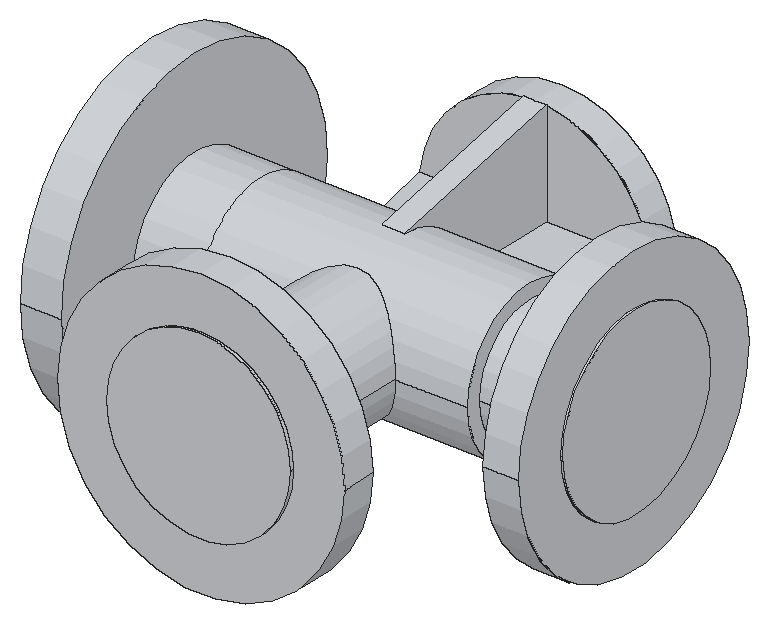
Revit family "M_Base redonda de redução em T - Flange - GI - Classe 250", category Conexões de tubo, Revit 2019
Family settings
  Cota do conector redondo = Usar raio
  Tipo de parte = Tê
  Número OmniClass = 23.60.30.11.14
  Título OmniClass = Pipework Fittings
  ID de item do Seek = Tee Reducing Round Base - Flanged - GI - Class 250-0000-CAN-ENU
  Com base no plano de trabalho = Não
  Sempre na vertical = Sim
  Corte com vazios quando carregada = Não
  Compartilhado = Não
Parameters (values of type "Padrão")
  Tamanho da marca de cota 3 [instance] = Diâmetro da flange 3 * 0.4  # 66 mm
  Tamanho da marca de cota 2 [instance] = Diâmetro da flange 2 * 0.4  # 66 mm
  Tamanho da marca de cota 1 [instance] = Diâmetro da flange 1 * 0.4  # 76.4 mm
  Raio da base redonda [instance] = Diâmetro da base redonda / 2  # 66.5 mm
  Diâmetro da base redonda [instance] = size_lookup(Nome da tabela de pesquisa, "RBD", 0.57 * Diâmetro nominal máximo 123 + 112.415 mm, Diâmetro nominal máximo 123)  # 133 mm
  Espessura das nervuras [instance] = size_lookup(Nome da tabela de pesquisa, "RThk", 0.04 * Diâmetro nominal máximo 123 + 12.898 mm, Diâmetro nominal máximo 123)  # 13 mm
  Largura das nervuras [instance] = 0.85 * Diâmetro da base redonda  # 113.05 mm
  Método de perda = Coeficiente K da tabela
  Nome da tabela de pesquisa = "M_Tee Reducing Round Base - Flanged - GI - Class 250"
  Tabela de coeficiente K = "Tê flangeado"
  Centro à face 34 [instance] = if(not(Diâmetro nominal máximo 123 > 406.4 mm), Centro à face, if(and(Diâmetro nominal máximo 123 > 406.4 mm, not(Diâmetro nominal 3 > Tamanho da saída e menor)), Centro à saída da face, Centro à face))  # 140 mm
  Centro à face 12 [instance] = if(not(Diâmetro nominal máximo 123 > 406.4 mm), Centro à face, if(and(Diâmetro nominal máximo 123 > 406.4 mm, not(Diâmetro nominal 3 > Tamanho da saída e menor)), Execução do centro até a face, Centro à face))  # 140 mm
  Espessura da face elevada [instance] = 1.587 mm  # constant formula
  Raio da face elevada 3 [instance] = Diâmetro da face elevada 3 / 2  # 53 mm
  Raio da face elevada 2 [instance] = Diâmetro da face elevada 2 / 2  # 53 mm
  Raio da face elevada 1 [instance] = Diâmetro da face elevada 1 / 2  # 62.5 mm
  Diâmetro da face elevada 3 [instance] = size_lookup(Nome da tabela de pesquisa, "RFD", 1.2 * Diâmetro nominal 3 + 50.899 mm, Diâmetro nominal 3)  # 106 mm
  Diâmetro da face elevada 2 [instance] = size_lookup(Nome da tabela de pesquisa, "RFD", 1.2 * Diâmetro nominal 2 + 50.899 mm, Diâmetro nominal 2)  # 106 mm
  Diâmetro da face elevada 1 [instance] = size_lookup(Nome da tabela de pesquisa, "RFD", 1.2 * Diâmetro nominal 1 + 50.899 mm, Diâmetro nominal 1)  # 125 mm
  Raio 1 [instance] = if(Raio da flange 1 > Raio da flange 2, Raio da flange 1, Raio da flange 2)  # 95.5 mm
  Tamanho da saída e menor [instance] = size_lookup(Nome da tabela de pesquisa, "OSaS", 0.64 * Diâmetro nominal máximo 123 + 17.859 mm, Diâmetro nominal máximo 123)  # 1 mm
  Raio nominal 3 [instance] = 25 mm
  Raio nominal 2 [instance] = 25 mm
  Raio nominal 1 [instance] = 32.5 mm
  Diâmetro nominal 3 [instance] = Raio nominal 3 * 2  # 50 mm
  Diâmetro nominal 2 [instance] = Raio nominal 2 * 2  # 50 mm
  Diâmetro nominal 1 [instance] = Raio nominal 1 * 2  # 65 mm
  Espessura da parede 3 [instance] = size_lookup(Nome da tabela de pesquisa, "WThk", 0.06 * Diâmetro nominal 3 + 9.624 mm, Diâmetro nominal 3)  # 11.1 mm
  Espessura da parede 2 [instance] = size_lookup(Nome da tabela de pesquisa, "WThk", 0.06 * Diâmetro nominal 2 + 9.624 mm, Diâmetro nominal 2)  # 11.1 mm
  Espessura da parede 1 [instance] = size_lookup(Nome da tabela de pesquisa, "WThk", 0.06 * Diâmetro nominal 1 + 9.624 mm, Diâmetro nominal 1)  # 12.7 mm
  Legenda do comprimento externo 2 [instance] = Legenda do comprimento externo 1 - Espessura da flange 3  # 117.8 mm
  Legenda do comprimento externo 1 [instance] = if(not(Ângulo = 90.00°), if(not(Centro à face 34 < Comprimento externo 4), Centro à face 34, Comprimento externo 4), Centro à face 34)  # 140 mm
  Legenda do comprimento do lance [instance] = if(not(Ângulo = 90.00°), if(not(Centro à face 12 < Comprimento do lance), Centro à face 12, Comprimento do lance), Centro à face 12)  # 140 mm
  Comprimento 4 [instance] = Espessura das nervuras / 2  # 6.5 mm
  Comprimento 3 [instance] = if(Raio exterior máximo da conexão 12 > 0.5 * Largura das nervuras, 0.5 * Largura das nervuras, Raio exterior máximo da conexão 12)  # 44.7 mm
  Comprimento da flange 3 [instance] = Espessura da flange 3 - Espessura da face elevada  # 20.613 mm
  Comprimento da flange 2 [instance] = Espessura da flange 2 - Espessura da face elevada  # 20.613 mm
  Comprimento da flange 1 [instance] = Espessura da flange 1 - Espessura da face elevada  # 23.812 mm
  Centro à base [instance] = size_lookup(Nome da tabela de pesquisa, "CtB", 0.75 * Diâmetro nominal máximo 123 + 75.902 mm, Diâmetro nominal máximo 123)  # 121 mm
  Raio exterior máximo da conexão 12 [instance] = if(Raio externo da conexão 1 > Raio externo da conexão 2, Raio externo da conexão 1, Raio externo da conexão 2)  # 44.7 mm
  Comprimento 2 [instance] = (Legenda do comprimento do lance - Espessura da flange 2) * 2 / 3  # 78.533 mm
  Comprimento 1 [instance] = (Legenda do comprimento do lance - Espessura da flange 1) * 2 / 3  # 76.4 mm
  Comprimento externo 4 [instance] = if(Ângulo < 90.00°, Comprimento externo 1, if(Ângulo = 90.00°, Comprimento externo 2, Comprimento externo 3))  # 162.2 mm
  Comprimento externo 3 [instance] = if(Ângulo > 90.00°, Raio 1 / sin(180.00° - Ângulo) + Raio da flange 3 / tan(180.00° - Ângulo), 0 mm) + Espessura da flange 3  # 22.2 mm
  Comprimento externo 2 [instance] = if(Ângulo = 90.00°, Centro à face 34, 0 mm) + Espessura da flange 3  # 162.2 mm
  Comprimento externo 1 [instance] = if(Ângulo < 90.00°, Raio 1 / sin(Ângulo) + Raio da flange 3 / tan(Ângulo), 0 mm) + Espessura da flange 3  # 22.2 mm
  Comprimento do lance [instance] = Comprimento do lance 4  # 165.4 mm
  Comprimento do lance 4 [instance] = if(Ângulo < 90.00°, Comprimento do lance 1, if(Ângulo = 90.00°, Comprimento do lance 2, Comprimento do lance 3))  # 165.4 mm
  Comprimento do lance 3 [instance] = if(Ângulo > 90.00°, Raio 1 / tan(180.00° - Ângulo) + Raio da flange 3 / sin(180.00° - Ângulo), 0 mm) + Espessura da flange máxima 12  # 25.4 mm
  Comprimento do lance 2 [instance] = if(Ângulo = 90.00°, Centro à face 12, 0 mm) + Espessura da flange máxima 12  # 165.4 mm
  Comprimento do lance 1 [instance] = if(Ângulo < 90.00°, Raio 1 / tan(Ângulo) + Raio da flange 3 / sin(Ângulo), 0 mm) + Espessura da flange máxima 12  # 25.4 mm
  Raio externo da conexão 3 [instance] = Diâmetro externo da conexão 3 / 2  # 36.6 mm
  Raio externo da conexão 2 [instance] = Diâmetro externo da conexão 2 / 2  # 36.6 mm
  Raio externo da conexão 1 [instance] = Diâmetro externo da conexão 1 / 2  # 44.7 mm
  Diâmetro externo da conexão 3 [instance] = Diâmetro interior da conexão 3 + Espessura da parede 3 * 2  # 73.2 mm
  Diâmetro externo da conexão 2 [instance] = Diâmetro interno da conexão 2 + Espessura da parede 2 * 2  # 73.2 mm
  Diâmetro externo da conexão 1 [instance] = Diâmetro interno da conexão 1 + Espessura da parede 1 * 2  # 89.4 mm
  Diâmetro interior da conexão 3 [instance] = size_lookup(Nome da tabela de pesquisa, "FID", 0.97 * Diâmetro nominal 3 + 2.58 mm, Diâmetro nominal 3)  # 51 mm
  Diâmetro interno da conexão 2 [instance] = size_lookup(Nome da tabela de pesquisa, "FID", 0.97 * Diâmetro nominal 2 + 2.58 mm, Diâmetro nominal 2)  # 51 mm
  Diâmetro interno da conexão 1 [instance] = size_lookup(Nome da tabela de pesquisa, "FID", 0.97 * Diâmetro nominal 1 + 2.58 mm, Diâmetro nominal 1)  # 64 mm
  Centro à saída da face [instance] = size_lookup(Nome da tabela de pesquisa, "CtFO", 0.72 * Diâmetro nominal máximo 123 + 110.034 mm, Diâmetro nominal máximo 123)  # 1 mm
  Execução do centro até a face [instance] = size_lookup(Nome da tabela de pesquisa, "CtFR", 0.53 * Diâmetro nominal máximo 123 + 119.856 mm, Diâmetro nominal máximo 123)  # 1 mm
  Espessura da flange máxima 12 [instance] = if(Espessura da flange 1 > Espessura da flange 2, Espessura da flange 1, Espessura da flange 2)  # 25.4 mm
  Espessura da flange 3 [instance] = size_lookup(Nome da tabela de pesquisa, "FThk", 0.08 * Diâmetro nominal 3 + 21.53 mm, Diâmetro nominal 3)  # 22.2 mm
  Espessura da flange 2 [instance] = size_lookup(Nome da tabela de pesquisa, "FThk", 0.08 * Diâmetro nominal 2 + 21.53 mm, Diâmetro nominal 2)  # 22.2 mm
  Espessura da flange 1 [instance] = size_lookup(Nome da tabela de pesquisa, "FThk", 0.08 * Diâmetro nominal 1 + 21.53 mm, Diâmetro nominal 1)  # 25.4 mm
  Raio da flange 3 [instance] = Diâmetro da flange 3 / 2  # 82.5 mm
  Raio da flange 2 [instance] = Diâmetro da flange 2 / 2  # 82.5 mm
  Raio da flange 1 [instance] = Diâmetro da flange 1 / 2  # 95.5 mm
  Diâmetro da flange 3 [instance] = size_lookup(Nome da tabela de pesquisa, "FDia", 1.34 * Diâmetro nominal 3 + 106.362 mm, Diâmetro nominal 3)  # 165 mm
  Diâmetro da flange 2 [instance] = size_lookup(Nome da tabela de pesquisa, "FDia", 1.34 * Diâmetro nominal 2 + 106.362 mm, Diâmetro nominal 2)  # 165 mm
  Diâmetro da flange 1 [instance] = size_lookup(Nome da tabela de pesquisa, "FDia", 1.34 * Diâmetro nominal 1 + 106.362 mm, Diâmetro nominal 1)  # 191 mm
  Centro à face [instance] = size_lookup(Nome da tabela de pesquisa, "CtF", 0.82 * Diâmetro nominal máximo 123 + 88.702 mm, Diâmetro nominal máximo 123)  # 140 mm
  Diâmetro nominal máximo 123 [instance] = if(Diâmetro nominal 3 > Diâmetro nominal máximo 12, Diâmetro nominal 3, Diâmetro nominal máximo 12)  # 65 mm
  Diâmetro nominal máximo 12 [instance] = if(Diâmetro nominal 1 > Diâmetro nominal 2, Diâmetro nominal 1, Diâmetro nominal 2)  # 65 mm
  Espessura base [instance] = size_lookup(Nome da tabela de pesquisa, "BThk", 0.05 * Diâmetro nominal máximo 123 + 17.661 mm, Diâmetro nominal máximo 123)  # 19 mm
  Ângulo [instance] = 90.00°
Reference planes
  plane 1 "Centro (Frente/Trás)": y = 0
  plane 2: z = 0
  plane 3 "Centro (Esquerda/Direita)": x = 0
  plane 4: x = -140
  plane 5: x = -138.412
  plane 6: x = -114.6
  plane 7: x = 140
  plane 8: x = 138.413
  plane 9: x = 117.8
  plane 10: x = -76.4
  plane 11: x = 78.533
  plane 12: x = -114.6
  plane 13: x = 117.8
  plane 14: x = -76.4
  plane 15: x = 78.533
  plane 16: y = 76.4
  plane 17: y = -76.4
  plane 18: y = 66
  plane 19: y = -66
  plane 20: x = -66.5
  plane 21: x = 66.5
  plane 22: x = -44.7
  plane 23: x = 44.7
  plane 24: x = -6.5
  plane 25: x = 6.5
  plane 26: y = 121
  plane 27: y = 102
  plane 28: z = 6.5
  plane 29: z = -6.5
  plane 30: z = 66.5
  plane 31: z = -66.5
  plane 32: z = 44.7
  plane 33: z = -44.7
Forms (mm)
  Sweep 1, solid, detail levels fine
    path in 3D
      loop
        line (-140, 0, 0) -> (-138.412, 0, 0)
    profile origin (-139.206, 0, 0) x (0, 1, 0) y (0, 0, 1)
      loop
        circle (0, 0) r 62.5
  Sweep 2, solid, detail levels fine
    path in 3D
      loop
        line (-138.412, 0, 0) -> (-114.6, 0, 0)
    profile origin (-126.506, 0, 0) x (0, 1, 0) y (0, 0, 1)
      loop
        circle (0, 0) r 95.5
  Sweep 3, solid, detail levels fine
    path in 3D
      loop
        line (-114.6, 0, 0) -> (-76.4, 0, 0)
    profile origin (-95.5, 0, 0) x (0, 1, 0) y (0, 0, 1)
      loop
        circle (0, 0) r 44.7
  Sweep 4, solid, detail levels fine
    path in 3D
      loop
        line (-76.4, 0, 0) -> (78.533, 0, 0)
    profile origin (1.067, 0, 0) x (0, 1, 0) y (0, 0, 1)
      loop
        circle (0, 0) r 44.7
  Sweep 5, solid, detail levels fine
    path in 3D
      loop
        line (78.533, 0, 0) -> (117.8, 0, 0)
    profile origin (98.167, 0, 0) x (0, 1, 0) y (0, 0, 1)
      loop
        circle (0, 0) r 36.6
  Sweep 6, solid, detail levels fine
    path in 3D
      loop
        line (117.8, 0, 0) -> (138.413, 0, 0)
    profile origin (128.106, 0, 0) x (0, 1, 0) y (0, 0, 1)
      loop
        circle (0, 0) r 82.5
  Sweep 7, solid, detail levels fine
    path in 3D
      loop
        line (138.413, 0, 0) -> (140, 0, 0)
    profile origin (139.206, 0, 0) x (0, 1, 0) y (0, 0, 1)
      loop
        circle (0, 0) r 53
  Sweep 8, solid, detail levels fine
    path in 3D
      loop
        line (0, 0, 0) -> (0, -117.8, 0)
    profile origin (0, -58.9, 0) x (1, 0, 0) y (0, 0, 1)
      loop
        circle (0, 0) r 36.6
  Sweep 9, solid, detail levels fine
    path in 3D
      loop
        line (0, -117.8, 0) -> (0, -138.413, 0)
    profile origin (0, -128.106, 0) x (1, 0, 0) y (0, 0, 1)
      loop
        circle (0, 0) r 82.5
  Sweep 10, solid, detail levels fine
    path in 3D
      loop
        line (0, -138.413, 0) -> (0, -140, 0)
    profile origin (0, -139.206, 0) x (1, 0, 0) y (0, 0, 1)
      loop
        circle (0, 0) r 53
  Sweep 11, solid, detail levels fine
    path origin (0, 0, 0) x (1, 0, 0) y (0, 1, 0)
      loop
        line (0, 121) -> (0, 102)
    profile origin (0, 111.5, 0) x (1, 0, 0) y (0, 0, 1)
      loop
        circle (0, 0) r 66.5
  Extrusion 12, solid, detail levels fine
    sketch origin (0, 0, 0) x (1, 0, 0) y (0, 1, 0)
      loop
        line (-66.5, 102) -> (-44.7, 0) -> (44.7, 0) -> (66.5, 102) -> (-66.5, 102)
    from -6.5 to 6.5
  Extrusion 13, solid, detail levels fine
    sketch origin (0, 0, 0) x (0, 1, 0) y (0, 0, 1)
      loop
        line (102, 66.5) -> (0, 44.7) -> (0, -44.7) -> (102, -66.5) -> (102, 66.5)
    from -6.5 to 6.5
Cuts and joins
  joined: Sweep 1, Sweep 2, Sweep 3, Sweep 4, Sweep 5, Sweep 6, Sweep 7, Sweep 8, Sweep 9, Sweep 10, Sweep 11, Extrusion 12, Extrusion 13
Lines and regions (mm)
  model lines, detail levels coarse+medium
    curve 1: line (-140, 0, 0) -> (-138.412, 0, 0)
    curve 2: line (-138.412, 0, 0) -> (-114.6, 0, 0)
    curve 3: line (-114.6, 0, 0) -> (-76.4, 0, 0)
    curve 4: line (78.533, 0, 0) -> (117.8, 0, 0)
    curve 5: line (117.8, 0, 0) -> (138.413, 0, 0)
    curve 6: line (138.413, 0, 0) -> (140, 0, 0)
    curve 7: line (-76.4, 0, 0) -> (78.533, 0, 0)
    curve 8: line (0, 0, 0) -> (0, -117.8, 0)
    curve 9: line (0, -117.8, 0) -> (0, -138.413, 0)
    curve 10: line (0, -138.413, 0) -> (0, -140, 0)
    curve 26: line (-140, 76.4, 0) -> (-140, -76.4, 0)
    curve 27: line (140, 66, 0) -> (140, -66, 0)
    curve 28: line (0, -140, 0) -> (66, -140, 0)
    curve 29: line (0, -140, 0) -> (-66, -140, 0)
    curve 30: line (-6.5, 0, 0) -> (-6.5, 121, 0)
    curve 31: line (6.5, 121, 0) -> (6.5, 0, 0)
  reference lines
    curve 11: line (0, 0, 0) -> (0, -140, 0)
    curve 12: line (0, -140, 0) -> (0, -117.8, 0)
    curve 13: line (-140, 0, 0) -> (-114.6, 0, 0)
    curve 14: line (117.8, 0, 0) -> (140, 0, 0)
    curve 25: line (-76.4, 0, 0) -> (78.533, 0, 0)
  sketch lines
    curve 15: line (-140, 0, 0) -> (-138.412, 0, 0)
    curve 16: line (-138.412, 0, 0) -> (-114.6, 0, 0)
    curve 17: line (-114.6, 0, 0) -> (-76.4, 0, 0)
    curve 18: line (-76.4, 0, 0) -> (78.533, 0, 0)
    curve 19: line (78.533, 0, 0) -> (117.8, 0, 0)
    curve 20: line (117.8, 0, 0) -> (138.413, 0, 0)
    curve 21: line (138.413, 0, 0) -> (140, 0, 0)
    curve 22: line (0, 0, 0) -> (0, -117.8, 0)
    curve 23: line (0, -117.8, 0) -> (0, -138.413, 0)
    curve 24: line (0, -138.413, 0) -> (0, -140, 0)
Dimensions and locks
  "Espessura da face elevada": plane 4 to plane 5
  "Comprimento da flange 1": plane 5 to plane 6
  "Legenda do comprimento do lance": plane 4 to plane 3 "Centro (Esquerda/Direita)"
  "Espessura da face elevada": plane 8 to plane 7
  "Comprimento da flange 2": plane 9 to plane 8
  "Legenda do comprimento do lance": plane 3 "Centro (Esquerda/Direita)" to plane 7
  "Comprimento 1": plane 10 to plane 3 "Centro (Esquerda/Direita)"
  "Comprimento 2": plane 3 "Centro (Esquerda/Direita)" to plane 11
  "Legenda do comprimento externo 2": curve 8 to curve 8
  "Comprimento da flange 3": curve 9 to curve 9
  "Espessura da face elevada": curve 10 to curve 10
  "Legenda do comprimento externo 1": curve 11 to curve 11
  locked: curve 12 to curve 12 at 22.2
  locked: plane 14 to plane 10
  locked: plane 11 to plane 15
  "Tamanho da marca de cota 1": plane 1 "Centro (Frente/Trás)" to plane 16
  "Tamanho da marca de cota 1": plane 1 "Centro (Frente/Trás)" to plane 17
  "Tamanho da marca de cota 2": plane 1 "Centro (Frente/Trás)" to plane 18
  "Tamanho da marca de cota 2": plane 1 "Centro (Frente/Trás)" to plane 19
  "Tamanho da marca de cota 3": curve 28 to curve 28
  "Tamanho da marca de cota 3": curve 29 to curve 29
  locked: plane 13 to plane 7 at 22.2
  locked: plane 4 to plane 12 at 25.4
  "Comprimento 4": plane 24 to plane 3 "Centro (Esquerda/Direita)"
  "Comprimento 4": plane 3 "Centro (Esquerda/Direita)" to plane 25
  "Comprimento 3": plane 22 to plane 3 "Centro (Esquerda/Direita)"
  "Comprimento 3": plane 3 "Centro (Esquerda/Direita)" to plane 23
  "Raio da base redonda": plane 20 to plane 3 "Centro (Esquerda/Direita)"
  "Raio da base redonda": plane 3 "Centro (Esquerda/Direita)" to plane 21
  "Espessura base": plane 26 to plane 27
  "Centro à base": plane 26 to plane 1 "Centro (Frente/Trás)"
  "Comprimento 4": plane 28 to plane 2
  "Comprimento 4": plane 2 to plane 29
  "Comprimento 3": plane 32 to plane 2
  "Comprimento 3": plane 2 to plane 33
  "Raio da base redonda": plane 30 to plane 2
  "Raio da base redonda": plane 2 to plane 31
  "Raio da face elevada 1": radius of Sweep 1 sketch curve
  "Raio da flange 1": radius of Sweep 2 sketch curve
  "Raio externo da conexão 1": radius of Sweep 3 sketch curve
  "Raio exterior máximo da conexão 12": radius of Sweep 4 sketch curve
  "Raio externo da conexão 2": radius of Sweep 5 sketch curve
  "Raio da flange 2": radius of Sweep 6 sketch curve
  "Raio da face elevada 2": radius of Sweep 7 sketch curve
  "Raio externo da conexão 3": radius of Sweep 8 sketch curve
  "Raio da flange 3": radius of Sweep 9 sketch curve
  "Raio da face elevada 3": radius of Sweep 10 sketch curve
  "Raio da base redonda": radius of Sweep 11 sketch curve
  "Ângulo": angle curve 8 to plane 1 "Centro (Frente/Trás)"
  "Ângulo": angle curve 9 to plane 1 "Centro (Frente/Trás)"
  "Ângulo": angle curve 10 to plane 1 "Centro (Frente/Trás)"
  "Ângulo": angle curve 11 to plane 1 "Centro (Frente/Trás)"
  "Ângulo": angle curve 12 to plane 1 "Centro (Frente/Trás)"
  locked: curve 28 to curve 10 (angle 90.00°)
  locked: curve 10 to curve 29 (angle 90.00°)
  aligned and locked: plane 5 to curve 1
  aligned and locked: plane 4 to curve 1
  aligned and locked: plane 1 "Centro (Frente/Trás)" to curve 1
  aligned and locked: plane 6 to curve 2
  aligned and locked: plane 1 "Centro (Frente/Trás)" to curve 2
  aligned and locked: plane 10 to curve 3
  aligned and locked: plane 1 "Centro (Frente/Trás)" to curve 3
  aligned and locked: plane 9 to curve 4
  aligned and locked: plane 11 to curve 4
  aligned and locked: plane 1 "Centro (Frente/Trás)" to curve 5
  aligned and locked: plane 8 to curve 6
  aligned and locked: plane 7 to curve 6
  aligned and locked: plane 1 "Centro (Frente/Trás)" to curve 6
  aligned and locked: plane 1 "Centro (Frente/Trás)" to curve 7
  aligned and locked: plane 3 "Centro (Esquerda/Direita)" to curve 8
  aligned and locked: plane 1 "Centro (Frente/Trás)" to curve 11
  aligned and locked: plane 4 to curve 13
  aligned and locked: plane 12 to curve 13
  aligned and locked: plane 1 "Centro (Frente/Trás)" to curve 13
  aligned and locked: plane 7 to curve 14
  aligned and locked: plane 13 to curve 14
  aligned and locked: plane 1 "Centro (Frente/Trás)" to curve 14
  aligned and locked: plane 15 to curve 25
  aligned and locked: plane 14 to curve 25
  aligned and locked: plane 1 "Centro (Frente/Trás)" to curve 25
  aligned and locked: plane 16 to curve 26
  aligned and locked: plane 17 to curve 26
  aligned and locked: curve 26 to plane 4
  aligned and locked: plane 18 to curve 27
  aligned and locked: plane 19 to curve 27
  aligned and locked: curve 27 to plane 7
  aligned and locked: plane 3 "Centro (Esquerda/Direita)" to curve 11
  aligned and locked: plane 1 "Centro (Frente/Trás)" to curve 8
  aligned and locked: plane 26 to Sweep 11 sketch curve
  aligned and locked: Sweep 11 sketch curve to plane 3 "Centro (Esquerda/Direita)"
  aligned and locked: plane 2 to Sweep 11 sketch curve
  aligned and locked: plane 3 "Centro (Esquerda/Direita)" to Sweep 11 sketch curve
  aligned and locked: Extrusion 12 sketch curve to plane 27
  aligned and locked: plane 27 to Extrusion 12 sketch curve
  aligned and locked: plane 21 to Extrusion 12 sketch curve
  aligned and locked: plane 20 to Extrusion 12 sketch curve
  aligned and locked: plane 1 "Centro (Frente/Trás)" to Extrusion 12 sketch curve  (x2)
  aligned and locked: plane 23 to Extrusion 12 sketch curve
  aligned and locked: plane 22 to Extrusion 12 sketch curve
  aligned and locked: plane 28 to Extrusion 12
  aligned and locked: Extrusion 12 to plane 29
  aligned and locked: plane 27 to Extrusion 13 sketch curve  (x2)
  aligned and locked: plane 1 "Centro (Frente/Trás)" to Extrusion 13 sketch curve  (x2)
  aligned and locked: plane 30 to Extrusion 13 sketch curve
  aligned and locked: plane 32 to Extrusion 13 sketch curve
  aligned and locked: plane 33 to Extrusion 13 sketch curve
  aligned and locked: plane 31 to Extrusion 13 sketch curve
  aligned and locked: Extrusion 13 to plane 24
  aligned and locked: plane 25 to Extrusion 13
  aligned and locked: plane 26 to curve 31
  aligned and locked: curve 31 to plane 25
  aligned and locked: plane 24 to curve 30
  aligned and locked: plane 26 to curve 30
Automatic sketch dimensions
  Sweep 1 sketch curve to profile plane = 0 mm  (x2)
  Sweep 2 sketch curve to profile plane = 0 mm  (x2)
  Sweep 3 sketch curve to profile plane = 0 mm  (x2)
  Sweep 4 sketch curve to profile plane = 0 mm  (x2)
  Sweep 5 sketch curve to profile plane = 0 mm  (x2)
  Sweep 6 sketch curve to profile plane = 0 mm  (x2)
  Sweep 7 sketch curve to profile plane = 0 mm  (x2)
  Sweep 8 sketch curve to profile plane = 0 mm  (x2)
  Sweep 9 sketch curve to profile plane = 0 mm  (x2)
  Sweep 10 sketch curve to profile plane = 0 mm  (x2)
  Sweep 11 sketch curve to plane 27 = 0 mm
Connectors
  piping at (-140, 0, 0), diameter 65, driven by "Raio nominal 1"
    settings: on cut or joined group 1 (Sweep 1, Sweep 2, Sweep 3, Sweep 4, Sweep 5, Sweep 6, Sweep 7, Sweep 8, Sweep 9, Sweep 10, Sweep 11, Extrusion 12, Extrusion 13), index 1, connector inside diameter 65 mm, connector length 0 mm, flow factor 0, pipe flow 0.0 L/s, pressure drop 0.0 Pa, fitting loss kfactor 0, connector angle 0.00°, fixture units 0, engagement length 0 mm, angle of deflection 0.00°, flow configuration 0, flow direction 0, fitting loss method 0, system type 28, joint type 0, gender type 0, connector reference index 2, connector utility 0, adjustable connector no, is connector primary yes, connector description ""
  piping at (140, 0, 0), diameter 50, driven by "Raio nominal 2"
    settings: on cut or joined group 1, index 2, connector inside diameter 50 mm, connector length 0 mm, flow factor 0, pipe flow 0.0 L/s, pressure drop 0.0 Pa, fitting loss kfactor 0, connector angle 0.00°, fixture units 0, engagement length 0 mm, angle of deflection 0.00°, flow configuration 0, flow direction 0, fitting loss method 0, system type 28, joint type 0, gender type 0, connector reference index 1, connector utility 0, adjustable connector no, is connector primary no, connector description ""
  piping at (0, -140, 0), diameter 50, driven by "Raio nominal 3", driven by "Ângulo"
    settings: on cut or joined group 1, index 3, connector inside diameter 50 mm, connector length 0 mm, flow factor 0, pipe flow 0.0 L/s, pressure drop 0.0 Pa, fitting loss kfactor 0, connector angle 90.00°, fixture units 0, engagement length 0 mm, angle of deflection 0.00°, flow configuration 0, flow direction 0, fitting loss method 0, system type 28, joint type 0, gender type 0, connector reference index -1, connector utility 0, adjustable connector no, is connector primary no, connector description ""
